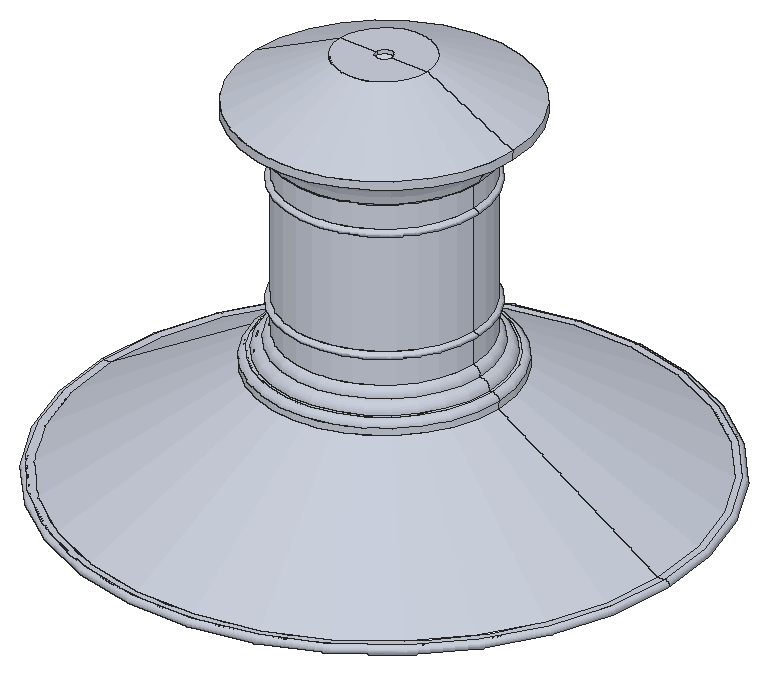
Revit family "MC18 SHADE", category Lighting Fixtures, Revit 2024
Family settings
  Round Connector Dimension = Use Diameter
  Part Type = Normal
  OmniClass Number = 23.80.70.00
  OmniClass Title = Lighting
  Work Plane-Based = No
  Always vertical = Yes
  Cut with Voids When Loaded = No
  Light Source = Yes
  Maintain Annotation Orientation = No
  Shared = No
  Room Calculation Point = No
Parameters
  Wattage = 12.1178 W
  built-in parameter 1150110 = 1 (stored number, unit not read)
  built-in parameter 1114217 = 1 (stored number, unit not read)
  built-in parameter 1150109 = 1 (stored number, unit not read)
  built-in parameter 1150134 = (empty or 0)
  built-in parameter 1150113 = 1 (stored number, unit not read)
  Lumens = 1800 lm
  built-in parameter 1150115 = 1 (stored number, unit not read)
  built-in parameter 1150105 = 572.96 (stored number, unit not read)
  Light Source Symbol Size = 2' - 0"
  built-in parameter 1150137 = (empty or 0)
  built-in parameter 1150139 = (empty or 0)
  built-in parameter 1150112 = 1 (stored number, unit not read)
  built-in parameter 1150114 = 1 (stored number, unit not read)
  built-in parameter 1150132 = 2
  built-in parameter 1150102 = (empty or 0)
  built-in parameter 1150138 = (empty or 0)
  built-in parameter 1150107 = 3000 (stored number, unit not read)
  built-in parameter 1150106 = 5.7296 (stored number, unit not read)
  built-in parameter 1150104 = 13.8 (stored number, unit not read)
  Dimming Lamp Color Temperature Shift = (empty or 0)
  Default Elevation = 0' - 0"
  Color Filter = 16777215
  built-in parameter 1114218 = 1 (stored number, unit not read)
  built-in parameter 1150133 = 10 (stored number, unit not read)
Reference planes (in)
  plane 1 "Light Source Axis (F/B)": y = 0
  plane 2: z = 0
  plane 3 "Light Source Axis (L/R)": x = 0
  plane 4 "Light Source Elevation": z = 84
Forms (in)
  Revolve 1, solid
    sketch origin (0, 0, 0) x (1, 0, 0) y (0, 0, 1)
      loop
        line (-3.625, 87.24996) -> (-8.665, 84.25) -> (-8.875, 84.25)
        arc (-8.875, 84.25) -> (-8.97602, 84.05138) -> (-8.756, 84.08673) r 0.125
        line (-8.756, 84.08673) -> (-3.53125, 87.19667) -> (-3.53125, 87.44996)
        arc (-3.53125, 87.44996) -> (-3.50013, 87.52509) -> (-3.425, 87.55621) r 0.10625
        line (-3.425, 87.55621) -> (-3.20871, 87.55621)
        arc (-3.20871, 87.55621) -> (-3.20089, 87.75767) -> (-3.025, 87.85621) r 0.20625
        line (-3.025, 87.85621) -> (-2.93115, 87.95007)
        arc (-2.93115, 87.95007) -> (-2.87699, 88.09463) -> (-2.73363, 88.15189) r 0.19092
        line (-2.73363, 88.15189) -> (-2.73363, 88.96715) -> (-2.73363, 92.41311) -> (-2.73363, 93.49224) -> (-2.79841, 93.49224)
        arc (-2.79841, 93.49224) -> (-2.86377, 93.47668) -> (-2.92608, 93.50182) r 0.11064
        arc (-2.92608, 93.50182) -> (-3.32587, 94.14724) -> (-3.98544, 94.52321) r 1.53995
        line (-3.98544, 94.52321) -> (-3.98544, 94.64105) -> (-1.35364, 95.90625) -> (-0.25, 95.90625) -> (-0.25, 96) -> (-1.375, 96) -> (-4.07919, 94.7) -> (-4.07919, 94.45)
        arc (-4.07919, 94.45) -> (-3.40842, 94.09632) -> (-3.00882, 93.45186) r 1.4462
        arc (-3.00882, 93.45186) -> (-2.92656, 93.39538) -> (-2.82738, 93.38457) r 0.20439
        line (-2.82738, 93.38457) -> (-2.82738, 92.64962)
        spline (-2.82738, 92.64962) -> (-2.86775, 92.63099) -> (-2.90078, 92.61249) -> (-2.92647, 92.59412) -> (-2.94482, 92.57587) -> (-2.95583, 92.55776) -> (-2.9595, 92.53978) -> (-2.95583, 92.52192) -> (-2.94482, 92.50419) -> (-2.92647, 92.48659) -> (-2.90078, 92.46912) -> (-2.86775, 92.45178) -> (-2.82738, 92.43457)
        line (-2.82738, 92.43457) -> (-2.82738, 89.1822)
        spline (-2.82738, 89.1822) -> (-2.86775, 89.16357) -> (-2.90078, 89.14507) -> (-2.92647, 89.1267) -> (-2.94482, 89.10846) -> (-2.95583, 89.09034) -> (-2.9595, 89.07236) -> (-2.95583, 89.0545) -> (-2.94482, 89.03677) -> (-2.92647, 89.01917) -> (-2.90078, 89.0017) -> (-2.86775, 88.98436) -> (-2.82738, 88.96715)
        line (-2.82738, 88.96715) -> (-2.82738, 88.2322)
        arc (-2.82738, 88.2322) -> (-2.97373, 88.12437) -> (-3.025, 87.94996) r 0.28467
        arc (-3.025, 87.94996) -> (-3.23713, 87.8621) -> (-3.325, 87.64996) r 0.3
        line (-3.325, 87.64996) -> (-3.425, 87.64996)
        arc (-3.425, 87.64996) -> (-3.56642, 87.59139) -> (-3.625, 87.44996) r 0.2
        line (-3.625, 87.44996) -> (-3.625, 87.24996)
      axis (0, 96) -> (0, 84.08673)
    angle from 0 to 360
  Revolve 2, solid, not visible
    sketch origin (0, 0, 0) x (1, 0, 0) y (0, 0, 1)
      loop
        line (-2.99192, 88.09279) -> (-2.89556, 88.09279) -> (-2.89556, 88.38477) -> (-2.99192, 88.38477) -> (-2.99192, 88.09279)
      axis (-2.89556, 88.09279) -> (-2.99192, 88.09279)
    angle from 0 to 360
  Sweep 3, solid, not visible
    path origin (0, 0, 0) x (1, 0, 0) y (0, 0, 1)
      loop
        arc (-2.97158, 88.08519) -> (-3.96217, 87.55604) -> (-4.35786, 86.505) r 1.59375
        line (-4.35786, 86.505) -> (-4.35786, 85.3018)
    profile origin (-3.96217, 0, 87.55604) x (0.751723, 0, -0.659479) y (0, -1, 0)
      loop
        circle (0, 0) r 0.15625
  Revolve 4, solid, not visible
    sketch origin (0, 0, 0) x (1, 0, 0) y (0, 0, 1)
      loop
        line (-4.84702, 85.01395) -> (-4.61007, 85.21882) -> (-4.67548, 85.29447) -> (-5.07238, 85.7535)
        arc (-5.07238, 85.7535) -> (-5.11657, 85.32649) -> (-4.68956, 85.2823) r 0.30356
        line (-4.68956, 85.2823) -> (-4.91791, 85.08485) -> (-4.84702, 85.01395)
      axis (-4.61007, 85.21882) -> (-5.07238, 85.7535)
    angle from 0 to 360
Dimensions and locks (in)
  aligned and locked: plane 3 "Light Source Axis (L/R)" to imposter light
  aligned and locked: plane 1 "Light Source Axis (F/B)" to imposter light
  aligned and locked: plane 4 "Light Source Elevation" to imposter light
  aligned and locked: level to plane 2
